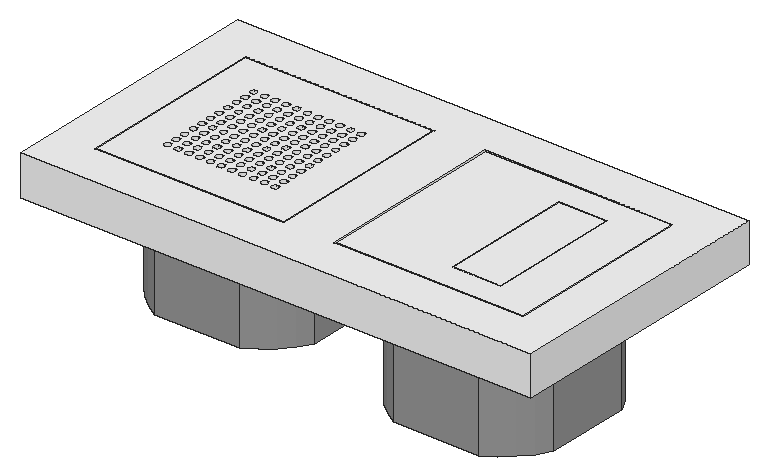
Revit family "Gira_228001", category Electrical Fixtures, host Face, Revit 2017
Family settings
  Host = Face
  Maintain Annotation Orientation = Yes
  Round Connector Dimension = Use Diameter
  Part Type = Normal
  Cut with Voids When Loaded = No
  Shared = No
  Room Calculation Point = No
Parameters (values of type "RDS FM radio speaker System 55 cr.white")
  URL = "http://katalog.gira.de/en/datenblatt.html?artikelnr=228001"
  Name = "RDS FM radio speaker System 55 cr.white"
  Model = "Radio"
  Manufacturer URL = "https://www.gira.de/"
  Manufacturer = "Gira"
  Keynote = ""
  HeinzeBIM = "https://bimportal.heinze.de/bim/rds-fm-radio-speaker-system-55-cr-white/d037739157488f0b74628bbc0562709210f4a494"
  HAN = "228001"
  GTIN = "4010337067986"
  Description = "RDS FM radio spk. Sys55 CW,RDS flush-mounted radio with a speaker,Operating top unit in black glass appearance,cream white glossy,Features:,- FM radio with RDS display for flush-mounted installation.,- The RDS flush-mounted radio consists of a radio insert with operating top unit and speaker insert with cover.,- The radio insert is compactly mounted in a flush-mounted insert and can therefore be installed in a single device box.,- The speaker can be installed in combination with the radio insert or offset in a device box. Two loudspeakers can be connected to the radio insert.,- The radio automatically detects connected speakers and switches between stereo and mono mode.,- With a corresponding RDS signal, the display of the operating top unit shows the station name, the transmission frequency and the time.,- Operation of the radio is using the capacitive buttons of the operating top unit. Operation only requires a light touching of the symbols.,- The RDS flush-mounted radio has two station presets, upon each of which a station setting can simply be saved and called up with the button actuation.,- For example, the radio can be switched on via the auxiliary input with a light switch or automatic control switch together with the room lighting.,- External audio sources, for example an MP3 player, can be connected to the radio via the stereo AUX input of the radio. For connection to the external audio source, an additional phono insert is required which is connected to the AUX terminals of the radio insert.,- The docking station insert is connected directly to the stereo AUX input for music playback.,- In sleep mode the radio switches off automatically 30 minutes after switching on.,,Notes :,- Reception interference can result in combination with additional electronic devices under one cover plate."
  Default Elevation = 1219.2 mm
  Data sheet (1) = "https://katalog.gira.de/en/download.html?artikelnr=228001"
  Category = "Electronic insert for domestic switching devices"
  BIM (1) = "https://media.stage.bim.site/public/gira/36a6b08/Sys55_Komplettgerät_UP-Radio.rfa?public/gira/36a6b08/Sys55_Komplettgerät_UP-Radio.rfa"
  Available = "No"
Reference planes
  plane 1 "Center (Front/Back)": y = 0
  plane 2 "Reference Level 0": z = 0
  plane 3 "Center (Left/Right)": x = 0
  plane 4 "Reference Level 1": z = 11.9
Forms (mm)
  Extrusion 1, solid, material "White", detail levels medium+fine
    sketch origin (0, 0, 0) x (1, 0, 0) y (0, 1, 0)
      loop
        line (-75.892, 40.342) -> (-75.892, -40.342) -> (75.892, -40.342) -> (75.892, 40.342) -> (-75.892, 40.342)
      loop
        line (-7.45, 28.1) -> (-63.65, 28.1) -> (-63.65, -28.1) -> (-7.45, -28.1) -> (-7.45, 28.1)
      loop
        line (7.45, 28.1) -> (7.45, -28.1) -> (63.65, -28.1) -> (63.65, 28.1) -> (7.45, 28.1)
    from 0 to 11.9
  Extrusion 2, solid, material "White", detail levels fine
    sketch origin (0, 0, 0) x (1, 0, 0) y (0, 1, 0)
      loop
        circle (-19.55, 16) r 1
      loop
        circle (-22.75, 16) r 1
      loop
        circle (-25.95, 16) r 1
      loop
        circle (-29.15, 16) r 1
      loop
        circle (-32.35, 16) r 1
      loop
        circle (-35.55, 16) r 1
      loop
        circle (-38.75, 16) r 1
      loop
        circle (-41.95, 16) r 1
      loop
        circle (-45.15, 16) r 1
      loop
        circle (-48.35, 16) r 1
      loop
        circle (-51.55, 16) r 1
      loop
        circle (-19.55, 12.8) r 1
      loop
        circle (-22.75, 12.8) r 1
      loop
        circle (-25.95, 12.8) r 1
      loop
        circle (-29.15, 12.8) r 1
      loop
        circle (-32.35, 12.8) r 1
      loop
        circle (-35.55, 12.8) r 1
      loop
        circle (-38.75, 12.8) r 1
      loop
        circle (-41.95, 12.8) r 1
      loop
        circle (-45.15, 12.8) r 1
      loop
        circle (-48.35, 12.8) r 1
      loop
        circle (-51.55, 12.8) r 1
      loop
        circle (-19.55, 9.6) r 1
      loop
        circle (-22.75, 9.6) r 1
      loop
        circle (-25.95, 9.6) r 1
      loop
        circle (-29.15, 9.6) r 1
      loop
        circle (-32.35, 9.6) r 1
      loop
        circle (-35.55, 9.6) r 1
      loop
        circle (-38.75, 9.6) r 1
      loop
        circle (-41.95, 9.6) r 1
      loop
        circle (-45.15, 9.6) r 1
      loop
        circle (-48.35, 9.6) r 1
      loop
        circle (-51.55, 9.6) r 1
      loop
        circle (-19.55, 6.4) r 1
      loop
        circle (-22.75, 6.4) r 1
      loop
        circle (-25.95, 6.4) r 1
      loop
        circle (-29.15, 6.4) r 1
      loop
        circle (-32.35, 6.4) r 1
      loop
        circle (-35.55, 6.4) r 1
      loop
        circle (-38.75, 6.4) r 1
      loop
        circle (-41.95, 6.4) r 1
      loop
        circle (-45.15, 6.4) r 1
      loop
        circle (-48.35, 6.4) r 1
      loop
        circle (-51.55, 6.4) r 1
      loop
        circle (-19.55, 3.2) r 1
      loop
        circle (-22.75, 3.2) r 1
      loop
        circle (-25.95, 3.2) r 1
      loop
        circle (-29.15, 3.2) r 1
      loop
        circle (-32.35, 3.2) r 1
      loop
        circle (-35.55, 3.2) r 1
      loop
        circle (-38.75, 3.2) r 1
      loop
        circle (-41.95, 3.2) r 1
      loop
        circle (-45.15, 3.2) r 1
      loop
        circle (-48.35, 3.2) r 1
      loop
        circle (-51.55, 3.2) r 1
      loop
        circle (-19.55, 0) r 1
      loop
        circle (-22.75, 0) r 1
      loop
        circle (-25.95, 0) r 1
      loop
        circle (-29.15, 0) r 1
      loop
        circle (-32.35, 0) r 1
      loop
        circle (-35.55, 0) r 1
      loop
        circle (-38.75, 0) r 1
      loop
        circle (-41.95, 0) r 1
      loop
        circle (-45.15, 0) r 1
      loop
        circle (-48.35, 0) r 1
      loop
        circle (-51.55, 0) r 1
      loop
        circle (-19.55, -3.2) r 1
      loop
        circle (-22.75, -3.2) r 1
      loop
        circle (-25.95, -3.2) r 1
      loop
        circle (-29.15, -3.2) r 1
      loop
        circle (-32.35, -3.2) r 1
      loop
        circle (-35.55, -3.2) r 1
      loop
        circle (-38.75, -3.2) r 1
      loop
        circle (-41.95, -3.2) r 1
      loop
        circle (-45.15, -3.2) r 1
      loop
        circle (-48.35, -3.2) r 1
      loop
        circle (-51.55, -3.2) r 1
      loop
        circle (-19.55, -6.4) r 1
      loop
        circle (-22.75, -6.4) r 1
      loop
        circle (-25.95, -6.4) r 1
      loop
        circle (-29.15, -6.4) r 1
      loop
        circle (-32.35, -6.4) r 1
      loop
        circle (-35.55, -6.4) r 1
      loop
        circle (-38.75, -6.4) r 1
      loop
        circle (-41.95, -6.4) r 1
      loop
        circle (-45.15, -6.4) r 1
      loop
        circle (-48.35, -6.4) r 1
      loop
        circle (-51.55, -6.4) r 1
      loop
        circle (-19.55, -9.6) r 1
      loop
        circle (-22.75, -9.6) r 1
      loop
        circle (-25.95, -9.6) r 1
      loop
        circle (-29.15, -9.6) r 1
      loop
        circle (-32.35, -9.6) r 1
      loop
        circle (-35.55, -9.6) r 1
      loop
        circle (-38.75, -9.6) r 1
      loop
        circle (-41.95, -9.6) r 1
      loop
        circle (-45.15, -9.6) r 1
      loop
        circle (-48.35, -9.6) r 1
      loop
        circle (-51.55, -9.6) r 1
      loop
        circle (-19.55, -12.8) r 1
      loop
        circle (-22.75, -12.8) r 1
      loop
        circle (-25.95, -12.8) r 1
      loop
        circle (-29.15, -12.8) r 1
      loop
        circle (-32.35, -12.8) r 1
      loop
        circle (-35.55, -12.8) r 1
      loop
        circle (-38.75, -12.8) r 1
      loop
        circle (-41.95, -12.8) r 1
      loop
        circle (-45.15, -12.8) r 1
      loop
        circle (-48.35, -12.8) r 1
      loop
        circle (-51.55, -12.8) r 1
      loop
        circle (-19.55, -16) r 1
      loop
        circle (-22.75, -16) r 1
      loop
        circle (-25.95, -16) r 1
      loop
        circle (-29.15, -16) r 1
      loop
        circle (-32.35, -16) r 1
      loop
        circle (-35.55, -16) r 1
      loop
        circle (-38.75, -16) r 1
      loop
        circle (-41.95, -16) r 1
      loop
        circle (-45.15, -16) r 1
      loop
        circle (-48.35, -16) r 1
      loop
        circle (-51.55, -16) r 1
      loop
        line (-63.25, 27.7) -> (-63.25, -27.7) -> (-7.85, -27.7) -> (-7.85, 27.7) -> (-63.25, 27.7)
    from 0 to 11.9
  Extrusion 3, solid, material "White", detail levels fine
    sketch origin (0, 0, 0) x (1, 0, 0) y (0, 1, 0)
      loop
        line (7.95, 27.7) -> (7.95, -27.7) -> (63.35, -27.7) -> (63.35, 27.7) -> (7.95, 27.7)
      loop
        line (35.999, -19.679) -> (50.301, -19.679) -> (50.229, 19.679) -> (36.071, 19.679) -> (35.999, -19.679)
    from 0 to 11.9
  Extrusion 4, solid, material "White", detail levels fine
    sketch origin (0, 0, 0) x (1, 0, 0) y (0, 1, 0)
      loop
        line (35.999, -19.679) -> (50.301, -19.679) -> (50.229, 19.679) -> (36.071, 19.679) -> (35.999, -19.679)
    from 0 to 11.9
  Extrusion 5, solid, material "White", detail levels medium
    sketch origin (0, 0, 0) x (1, 0, 0) y (0, 1, 0)
      loop
        line (-63.65, 28.1) -> (-63.65, -28.1) -> (-7.45, -28.1) -> (-7.45, 28.1) -> (-63.65, 28.1)
    from 0 to 11.9
  Extrusion 6, solid, material "White", detail levels medium
    sketch origin (0, 0, 0) x (1, 0, 0) y (0, 1, 0)
      loop
        line (7.45, 28.1) -> (7.45, -28.1) -> (63.65, -28.1) -> (63.65, 28.1) -> (7.45, 28.1)
    from 0 to 11.9
  Extrusion 7, solid, material "Grey", detail levels fine
    sketch origin (0, 0, 0) x (1, 0, 0) y (0, 1, 0)
      loop
        arc (10.55, -12.61) -> (15.751, -19.799) -> (22.94, -25) r 28
        line (22.94, -25) -> (48.16, -25)
        arc (48.16, -25) -> (55.349, -19.799) -> (60.55, -12.61) r 28
        line (60.55, -12.61) -> (60.55, 12.61)
        arc (60.55, 12.61) -> (55.349, 19.799) -> (48.16, 25) r 28
        line (48.16, 25) -> (22.94, 25)
        arc (22.94, 25) -> (15.751, 19.799) -> (10.55, 12.61) r 28
        line (10.55, 12.61) -> (10.55, -12.61)
    from 0 to -31.7
  Extrusion 8, solid, material "Grey", detail levels fine
    sketch origin (0, 0, 0) x (-1, 0, 0) y (0, -1, 0)
      loop
        line (10.55, 12.61) -> (10.55, -12.61)
        arc (10.55, -12.61) -> (15.751, -19.799) -> (22.94, -25) r 28
        line (22.94, -25) -> (48.16, -25)
        arc (48.16, -25) -> (55.349, -19.799) -> (60.55, -12.61) r 28
        line (60.55, -12.61) -> (60.55, 12.61)
        arc (60.55, 12.61) -> (55.349, 19.799) -> (48.16, 25) r 28
        line (48.16, 25) -> (22.94, 25)
        arc (22.94, 25) -> (15.751, 19.799) -> (10.55, 12.61) r 28
    from 0 to -28
  Extrusion 9, solid, detail levels medium
    sketch origin (0, 0, 0) x (-1, 0, 0) y (0, -1, 0)
      loop
        line (10.55, 25) -> (10.55, -25) -> (60.55, -25) -> (60.55, 25) -> (10.55, 25)
    from 0 to -28
  Extrusion 10, solid, detail levels medium
    sketch origin (0, 0, 0) x (1, 0, 0) y (0, 1, 0)
      loop
        line (10.55, -25) -> (60.55, -25) -> (60.55, 25) -> (10.55, 25) -> (10.55, -25)
    from 0 to -31.7
  Extrusion 11, solid, material "Grey", detail levels coarse
    sketch origin (0, 0, 0) x (1, 0, 0) y (0, 1, 0)
      loop
        line (-75.892, 40.342) -> (-75.892, -40.342) -> (75.892, -40.342) -> (75.892, 40.342) -> (-75.892, 40.342)
    from -31.7 to 11.9
Cuts and joins
  joined: Extrusion 7, Extrusion 8
  joined: Extrusion 9, Extrusion 10
Dimensions and locks
  aligned and locked: plane 2 "Reference Level 0" to host face
  aligned and locked: level to host face
Nested families
  nested 1: "Radio Beschriftung" at (0, 0, 0) x (0, 1, 0) z (0, 0, 1), type "Radio Beschriftung"
Connectors
  electrical at (-35.55, 0, -28)
    settings: on cut or joined group of Extrusion 7, Extrusion 8, index 1, voltage 220 V, apparent load 0 VA, apparent load phase1 0 VA, apparent load phase2 0 VA, apparent load phase3 0 VA, power factor 1, load classification "Other", number of poles 1, system type 31, power factor state 1, is connector primary yes, connector utility no, sub classification motor no, connector description ""
Definition of nested family "Radio Beschriftung"
  Reference planes
    plane 1: y = 0
    plane 2: x = 0
  Lines and regions (mm)
    detail lines
      curve 1: line (0, 1, 0) -> (3, 1, 0)
      curve 2: line (0, -1, 0) -> (0, 1, 0)
      curve 3: line (3, -1, 0) -> (0, -1, 0)
      curve 4: line (3, 1, 0) -> (3, -1, 0)
      curve 5: line (2, 1, 0) -> (2, -1, 0)
      curve 6: line (3, 1, 0) -> (2, 0.49, 0)
      curve 7: line (3, -1, 0) -> (2, -0.49, 0)
  Dimensions and locks
    curve 2 to curve 4 = 3 mm
    curve 3 to curve 1 = 2 mm
